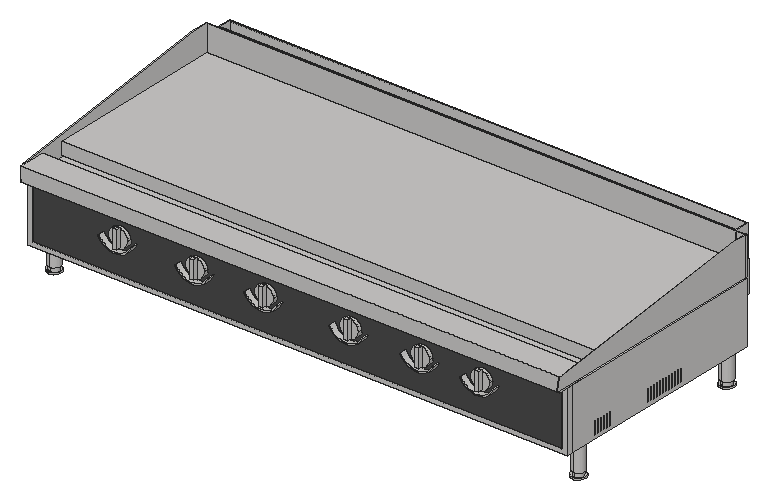
Revit family "QF_Vollrath_972GGM", category Specialty Equipment, Revit 2016
Family settings
  Part Type = Normal
  Round Connector Dimension = Use Diameter
  OmniClass Number = 23.40.40.14.17.31
  OmniClass Title = Small Specialized Cooking Equipment
  Work Plane-Based = No
  Always vertical = Yes
  Cut with Voids When Loaded = No
  Shared = No
  Room Calculation Point = No
Parameters (values of type "972GGM")
  Width = 72.00"
  Weight in Pounds = 806
  Watermarked By = "http://revitwatermark.com"
  URL Cutsheet = ""
  URL = ""
  Status [instance] = ""
  Specification by User [instance] = ""
  Specification by Manufacturer [instance] = ""
  Serial Number [instance] = ""
  Seismic Rating [instance] = ""
  Revision Code [instance] = ""
  NAFEM Spec ID Number [instance] = ""
  Model = "972GGM"
  Mechanical Remarks [instance] = ""
  Mechanical Connection Type [instance] = ""
  Masterspec [instance] = ""
  Manufacturer = "Vollrath"
  Length = 31.00"
  Item Number [instance] = "-"
  Installed By [instance] = ""
  Height AFF [instance] = 26.00"
  Gas Size = 3/4"
  Gas RI Height [instance] = 0.00"
  Gas Input = 180000.0 Btu/h
  Gas Connection Height [instance] = Height AFF + 5.375"  # 31.375"
  Furnished By [instance] = ""
  Foodservice Equipment Identifier [instance] = yes
  Description = "Heavy-Duty Flat Top Gas Griddle"
  CSI MasterFormat = "11 44 00"
  Assembly Code = "E1090320"
Reference planes (in)
  plane 1: z = 0
  plane 2 "BOTTOM": z = 26
  plane 3 "LEFT CLEARANCE": x = -30.72076
  plane 4 "RIGHT CLEARANCE": x = 53.27924
  plane 5 "BACK CLEARANCE": y = 6
  plane 6 "Top of Legs": z = 30
  plane 7 "LEFT": x = -24.72076
  plane 8 "RIGHT": x = 47.27924
  plane 9 "BACK": y = 0
  plane 10: z = 29.75
  plane 11: z = 29.5
  plane 12: z = 31.5
  plane 13: y = -0.125
  plane 14: x = -24.59576
  plane 15 "Grease Trap": z = 38.38259
  plane 16 "TOP": z = 43.38259
  plane 17: y = -54.1
  plane 18: z = 37.04079
  plane 19: y = 1.5
  plane 20: z = 34.93
  plane 21: z = 35.1029
  plane 22: z = 40.00759
  plane 23 "FRONT": y = -33
  plane 24: y = -29.62
  plane 25: y = -26.37
  plane 26: x = 47.15424
  plane 27: x = 46.53171
  plane 28: x = -2.0635
  plane 29: x = 45.9365
  plane 30: x = 11.27924
  plane 31: x = -12.72076
  plane 32: x = -6.22076
  plane 33: z = 37.5
  plane 34: z = 30.60935
Forms (in)
  Extrusion 1, solid, material "QF_Finishes_Stainless Steel"
    sketch origin (0, -2, 26) x (0, 1, 0) y (-1, 0, 0)
      loop
        circle (-2, 23.59576) r 0.9375
    from 0 to 0.125
  Extrusion 2, solid, material "QF_Finishes_Stainless Steel"
    sketch origin (0, -2, 26) x (0, 1, 0) y (-1, 0, 0)
      loop
        circle (-2, 23.59576) r 0.625
    from 0.125 to 0.75
  Extrusion 3, solid, material "QF_Finishes_Stainless Steel"
    sketch origin (0, -2, 26) x (0, 1, 0) y (-1, 0, 0)
      loop
        circle (-2, 23.59576) r 0.8125
    from 0.75 to 4
  Extrusion 4, solid, material "QF_Finishes_Stainless Steel"
    sketch origin (33.375, -2, 26) x (0, 1, 0) y (-1, 0, 0)
      loop
        circle (-2, -12.90424) r 0.9375
    from 0 to 0.125
  Extrusion 5, solid, material "QF_Finishes_Stainless Steel"
    sketch origin (33.375, -2, 26) x (0, 1, 0) y (-1, 0, 0)
      loop
        circle (-2, -12.90424) r 0.625
    from 0.125 to 0.75
  Extrusion 6, solid, material "QF_Finishes_Stainless Steel"
    sketch origin (33.375, -2, 26) x (0, 1, 0) y (-1, 0, 0)
      loop
        circle (-2, -12.90424) r 0.8125
    from 0.75 to 4
  Extrusion 7, solid, material "QF_Finishes_Stainless Steel"
    sketch origin (33.375, -27.75, 26) x (0, 1, 0) y (-1, 0, 0)
      loop
        circle (-1, -12.90424) r 0.9375
    from 0 to 0.125
  Extrusion 8, solid, material "QF_Finishes_Stainless Steel"
    sketch origin (33.375, -27.75, 26) x (0, 1, 0) y (-1, 0, 0)
      loop
        circle (-1, -12.90424) r 0.625
    from 0.125 to 0.75
  Extrusion 9, solid, material "QF_Finishes_Stainless Steel"
    sketch origin (33.375, -27.75, 26) x (0, 1, 0) y (-1, 0, 0)
      loop
        circle (-1, -12.90424) r 0.8125
    from 0.75 to 4
  Extrusion 10, solid, material "QF_Finishes_Stainless Steel"
    sketch origin (0, -27.75, 26) x (0, 1, 0) y (-1, 0, 0)
      loop
        circle (-1, 23.59576) r 0.9375
    from 0 to 0.125
  Extrusion 11, solid, material "QF_Finishes_Stainless Steel"
    sketch origin (0, -27.75, 26) x (0, 1, 0) y (-1, 0, 0)
      loop
        circle (-1, 23.59576) r 0.625
    from 0.125 to 0.75
  Extrusion 12, solid, material "QF_Finishes_Stainless Steel"
    sketch origin (0, -27.75, 26) x (0, 1, 0) y (-1, 0, 0)
      loop
        circle (-1, 23.59576) r 0.8125
    from 0.75 to 4
  Extrusion 13, solid, material "QF_Finishes_Stainless Steel"
    sketch origin (0, -2, 26) x (0, 1, 0) y (-1, 0, 0)
      loop
        line (0, 24.72076) -> (-29.04599, 24.72076) -> (-29.04599, -47.27924) -> (0, -47.27924) -> (0, 24.72076)
    from 4 to 12.06
  Extrusion 14, solid, material "QF_Finishes_Black"
    sketch origin (0, -2, 0) x (1, 0, 0) y (0, 0, 1)
      loop
        line (-21.72076, 30) -> (-21.72076, 29.75) -> (-13.63034, 29.75) -> (-13.63034, 30) -> (-21.72076, 30)
    from 20.18353 to 29.04599
  Extrusion 15, solid, material "QF_Finishes_Clearances", detail levels coarse
    sketch origin (0, 0, 26) x (0, 1, 0) y (-1, 0, 0)
      loop
        line (6, 30.72076) -> (-33, 30.72076) -> (-33, 24.72076) -> (6, 24.72076) -> (6, 30.72076)
    from 0 to 17.38259
  Extrusion 16, solid, material "QF_Finishes_Clearances", detail levels coarse
    sketch origin (0, 0, 26) x (0, 1, 0) y (-1, 0, 0)
      loop
        line (6, -47.27924) -> (-33, -47.27924) -> (-33, -53.27924) -> (6, -53.27924) -> (6, -47.27924)
    from 0 to 17.38259
  Extrusion 17, solid, material "QF_Finishes_Clearances", detail levels coarse
    sketch origin (0, 0, 26) x (0, 1, 0) y (-1, 0, 0)
      loop
        line (6, 24.72076) -> (0, 24.72076) -> (0, -47.27924) -> (6, -47.27924) -> (6, 24.72076)
    from 0 to 17.38259
  Extrusion 18, solid, material "QF_Finishes_Stainless Steel"
    sketch origin (-8.68897, -2, 0) x (1, 0, 0) y (0, 0, 1)
      loop
        circle (26.46821, 31.5) r 0.375
    from -1.5 to 0
  Extrusion 19, solid, material "QF_Finishes_Stainless Steel"
    sketch origin (-36.59576, -2, 0) x (0, 1, 0) y (0, 0, 1)
      loop
        line (-30.61071, 39.92661) -> (-31.00644, 38.06) -> (0, 38.06) -> (0, 43.38259) -> (-2.02013, 43.38259) -> (-30.61071, 39.92661)
    from 11.875 to 12
  Extrusion 20, solid, material "QF_Finishes_Stainless Steel"
    sketch origin (-24.72076, -2, 0) x (0, 1, 0) y (0, 0, 1)
      loop
        line (-27.62, 38.06) -> (-27.62, 40.00759) -> (-31, 40.00759) -> (-31, 38.06) -> (-27.62, 38.06)
    from 0.125 to 71.875
  Extrusion 21, solid, material "QF_Finishes_Stainless Steel"
    sketch origin (12, -2, 0) x (1, 0, 0) y (0, 0, 1)
      loop
        line (-36.72076, 38.06) -> (-36.72076, 30) -> (35.27924, 30) -> (35.27924, 38.06) -> (-36.72076, 38.06)
      loop
        line (-36.02741, 37.5) -> (-36.02741, 30.59949) -> (34.53171, 30.59949) -> (34.53171, 37.5) -> (-36.02741, 37.5)
    from 29.04599 to 29.79599
  Extrusion 22, solid, material "QF_Finishes_Stainless Steel"
    sketch origin (-12.72076, -2, 0) x (0, 1, 0) y (0, 0, 1)
      loop
        line (-31.04007, 39.85126) -> (-31.41648, 38.38259) -> (0, 38.38259) -> (0, 43.38259) -> (-1.85356, 43.38259) -> (-31.04007, 39.85126)
    from 59.875 to 60
  Extrusion 23, solid, material "QF_Finishes_Stainless Steel"
    sketch origin (-24.72076, -2, 0) x (0, 1, 0) y (0, 0, 1)
      loop
        line (-0.125, 43.38259) -> (-0.125, 38.38259) -> (0, 38.38259) -> (0, 43.38259) -> (-0.125, 43.38259)
    from 0 to 72
  Extrusion 24, solid, material "QF_Finishes_Black"
    sketch origin (12, -2, -10) x (1, 0, 0) y (0, 0, 1)
      loop
        line (-36.02741, 47.5) -> (-36.02741, 40.59949) -> (34.53171, 40.59949) -> (34.53171, 47.5) -> (-36.02741, 47.5)
      loop
        circle (-4.79502, 45.36228) r 1.25
      loop
        circle (23.95498, 45.36228) r 1.25
      loop
        circle (15.96164, 45.36228) r 1.25
      loop
        circle (-14.04502, 45.36228) r 1.25
      loop
        circle (6.46164, 45.36228) r 1.25
      loop
        circle (-24.29502, 45.36228) r 1.25
    from 29.04599 to 29.79599
  Extrusion 25, void
    sketch origin (-24.72076, -2, 0) x (0, 1, 0) y (0, 0, 1)
      loop
        line (-25.39258, 32.24738) -> (-25.39258, 30.49738) -> (-25.14258, 30.49738) -> (-25.14258, 32.24738) -> (-25.39258, 32.24738)
      loop
        line (-24.89258, 32.24738) -> (-24.89258, 30.49738) -> (-24.64258, 30.49738) -> (-24.64258, 32.24738) -> (-24.89258, 32.24738)
      loop
        line (-24.39258, 32.24738) -> (-24.39258, 30.49738) -> (-24.14258, 30.49738) -> (-24.14258, 32.24738) -> (-24.39258, 32.24738)
      loop
        line (-23.89258, 32.24738) -> (-23.89258, 30.49738) -> (-23.64258, 30.49738) -> (-23.64258, 32.24738) -> (-23.89258, 32.24738)
      loop
        line (-23.39258, 32.24738) -> (-23.39258, 30.49738) -> (-23.14258, 30.49738) -> (-23.14258, 32.24738) -> (-23.39258, 32.24738)
      loop
        line (-22.89258, 32.24738) -> (-22.89258, 30.49738) -> (-22.64258, 30.49738) -> (-22.64258, 32.24738) -> (-22.89258, 32.24738)
      loop
        line (-22.43353, 32.24738) -> (-22.43353, 30.49738) -> (-22.18353, 30.49738) -> (-22.18353, 32.24738) -> (-22.43353, 32.24738)
      loop
        line (-21.93353, 32.24738) -> (-21.93353, 30.49738) -> (-21.68353, 30.49738) -> (-21.68353, 32.24738) -> (-21.93353, 32.24738)
      loop
        line (-21.43353, 32.24738) -> (-21.43353, 30.49738) -> (-21.18353, 30.49738) -> (-21.18353, 32.24738) -> (-21.43353, 32.24738)
      loop
        line (-20.93353, 32.24738) -> (-20.93353, 30.49738) -> (-20.68353, 30.49738) -> (-20.68353, 32.24738) -> (-20.93353, 32.24738)
      loop
        line (-20.43353, 32.24738) -> (-20.43353, 30.49738) -> (-20.18353, 30.49738) -> (-20.18353, 32.24738) -> (-20.43353, 32.24738)
      loop
        line (-19.93353, 32.24738) -> (-19.93353, 30.49738) -> (-19.68353, 30.49738) -> (-19.68353, 32.24738) -> (-19.93353, 32.24738)
      loop
        line (-19.47447, 32.24738) -> (-19.47447, 30.49738) -> (-19.22447, 30.49738) -> (-19.22447, 32.24738) -> (-19.47447, 32.24738)
      loop
        line (-18.97447, 32.24738) -> (-18.97447, 30.49738) -> (-18.72447, 30.49738) -> (-18.72447, 32.24738) -> (-18.97447, 32.24738)
      loop
        line (-18.47447, 32.24738) -> (-18.47447, 30.49738) -> (-18.22447, 30.49738) -> (-18.22447, 32.24738) -> (-18.47447, 32.24738)
      loop
        line (-17.97447, 32.24738) -> (-17.97447, 30.49738) -> (-17.72447, 30.49738) -> (-17.72447, 32.24738) -> (-17.97447, 32.24738)
      loop
        line (-17.47447, 32.24738) -> (-17.47447, 30.49738) -> (-17.22447, 30.49738) -> (-17.22447, 32.24738) -> (-17.47447, 32.24738)
      loop
        line (-16.97447, 32.24738) -> (-16.97447, 30.49738) -> (-16.72447, 30.49738) -> (-16.72447, 32.24738) -> (-16.97447, 32.24738)
      loop
        line (-16.51542, 32.24738) -> (-16.51542, 30.49738) -> (-16.26542, 30.49738) -> (-16.26542, 32.24738) -> (-16.51542, 32.24738)
      loop
        line (-16.01542, 32.24738) -> (-16.01542, 30.49738) -> (-15.76542, 30.49738) -> (-15.76542, 32.24738) -> (-16.01542, 32.24738)
      loop
        line (-15.51542, 32.24738) -> (-15.51542, 30.49738) -> (-15.26542, 30.49738) -> (-15.26542, 32.24738) -> (-15.51542, 32.24738)
      loop
        line (-15.01542, 32.24738) -> (-15.01542, 30.49738) -> (-14.76542, 30.49738) -> (-14.76542, 32.24738) -> (-15.01542, 32.24738)
      loop
        line (-14.51542, 32.24738) -> (-14.51542, 30.49738) -> (-14.26542, 30.49738) -> (-14.26542, 32.24738) -> (-14.51542, 32.24738)
      loop
        line (-14.01542, 32.24738) -> (-14.01542, 30.49738) -> (-13.76542, 30.49738) -> (-13.76542, 32.24738) -> (-14.01542, 32.24738)
      loop
        line (-13.55636, 32.24738) -> (-13.55636, 30.49738) -> (-13.30636, 30.49738) -> (-13.30636, 32.24738) -> (-13.55636, 32.24738)
      loop
        line (-13.05636, 32.24738) -> (-13.05636, 30.49738) -> (-12.80636, 30.49738) -> (-12.80636, 32.24738) -> (-13.05636, 32.24738)
      loop
        line (-12.55636, 32.24738) -> (-12.55636, 30.49738) -> (-12.30636, 30.49738) -> (-12.30636, 32.24738) -> (-12.55636, 32.24738)
      loop
        line (-12.05636, 32.24738) -> (-12.05636, 30.49738) -> (-11.80636, 30.49738) -> (-11.80636, 32.24738) -> (-12.05636, 32.24738)
      loop
        line (-11.55636, 32.24738) -> (-11.55636, 30.49738) -> (-11.30636, 30.49738) -> (-11.30636, 32.24738) -> (-11.55636, 32.24738)
      loop
        line (-11.05636, 32.24738) -> (-11.05636, 30.49738) -> (-10.80636, 30.49738) -> (-10.80636, 32.24738) -> (-11.05636, 32.24738)
      loop
        line (-10.59731, 32.24738) -> (-10.59731, 30.49738) -> (-10.34731, 30.49738) -> (-10.34731, 32.24738) -> (-10.59731, 32.24738)
      loop
        line (-10.09731, 32.24738) -> (-10.09731, 30.49738) -> (-9.84731, 30.49738) -> (-9.84731, 32.24738) -> (-10.09731, 32.24738)
      loop
        line (-9.59731, 32.24738) -> (-9.59731, 30.49738) -> (-9.34731, 30.49738) -> (-9.34731, 32.24738) -> (-9.59731, 32.24738)
      loop
        line (-9.09731, 32.24738) -> (-9.09731, 30.49738) -> (-8.84731, 30.49738) -> (-8.84731, 32.24738) -> (-9.09731, 32.24738)
      loop
        line (-8.63825, 32.24738) -> (-8.63825, 30.49738) -> (-8.38825, 30.49738) -> (-8.38825, 32.24738) -> (-8.63825, 32.24738)
      loop
        line (-8.13825, 32.24738) -> (-8.13825, 30.49738) -> (-7.88825, 30.49738) -> (-7.88825, 32.24738) -> (-8.13825, 32.24738)
      loop
        line (-7.63825, 32.24738) -> (-7.63825, 30.49738) -> (-7.38825, 30.49738) -> (-7.38825, 32.24738) -> (-7.63825, 32.24738)
      loop
        line (-7.13825, 32.24738) -> (-7.13825, 30.49738) -> (-6.88825, 30.49738) -> (-6.88825, 32.24738) -> (-7.13825, 32.24738)
      loop
        line (-6.63825, 32.24738) -> (-6.63825, 30.49738) -> (-6.38825, 30.49738) -> (-6.38825, 32.24738) -> (-6.63825, 32.24738)
      loop
        line (-6.13825, 32.24738) -> (-6.13825, 30.49738) -> (-5.88825, 30.49738) -> (-5.88825, 32.24738) -> (-6.13825, 32.24738)
      loop
        line (-5.63825, 32.24738) -> (-5.63825, 30.49738) -> (-5.38825, 30.49738) -> (-5.38825, 32.24738) -> (-5.63825, 32.24738)
      loop
        line (-5.13825, 32.24738) -> (-5.13825, 30.49738) -> (-4.88825, 30.49738) -> (-4.88825, 32.24738) -> (-5.13825, 32.24738)
      loop
        line (-4.63825, 32.24738) -> (-4.63825, 30.49738) -> (-4.38825, 30.49738) -> (-4.38825, 32.24738) -> (-4.63825, 32.24738)
    from 71.875 to 72
  Extrusion 26, void
    sketch origin (-48.47076, -2, 0) x (0, 1, 0) y (0, 0, 1)
      loop
        line (-25.39258, 32.24738) -> (-25.39258, 30.49738) -> (-25.14258, 30.49738) -> (-25.14258, 32.24738) -> (-25.39258, 32.24738)
      loop
        line (-24.89258, 32.24738) -> (-24.89258, 30.49738) -> (-24.64258, 30.49738) -> (-24.64258, 32.24738) -> (-24.89258, 32.24738)
      loop
        line (-24.39258, 32.24738) -> (-24.39258, 30.49738) -> (-24.14258, 30.49738) -> (-24.14258, 32.24738) -> (-24.39258, 32.24738)
      loop
        line (-23.89258, 32.24738) -> (-23.89258, 30.49738) -> (-23.64258, 30.49738) -> (-23.64258, 32.24738) -> (-23.89258, 32.24738)
      loop
        line (-23.39258, 32.24738) -> (-23.39258, 30.49738) -> (-23.14258, 30.49738) -> (-23.14258, 32.24738) -> (-23.39258, 32.24738)
      loop
        line (-22.89258, 32.24738) -> (-22.89258, 30.49738) -> (-22.64258, 30.49738) -> (-22.64258, 32.24738) -> (-22.89258, 32.24738)
      loop
        line (-22.43353, 32.24738) -> (-22.43353, 30.49738) -> (-22.18353, 30.49738) -> (-22.18353, 32.24738) -> (-22.43353, 32.24738)
      loop
        line (-21.93353, 32.24738) -> (-21.93353, 30.49738) -> (-21.68353, 30.49738) -> (-21.68353, 32.24738) -> (-21.93353, 32.24738)
      loop
        line (-21.43353, 32.24738) -> (-21.43353, 30.49738) -> (-21.18353, 30.49738) -> (-21.18353, 32.24738) -> (-21.43353, 32.24738)
      loop
        line (-20.93353, 32.24738) -> (-20.93353, 30.49738) -> (-20.68353, 30.49738) -> (-20.68353, 32.24738) -> (-20.93353, 32.24738)
      loop
        line (-20.43353, 32.24738) -> (-20.43353, 30.49738) -> (-20.18353, 30.49738) -> (-20.18353, 32.24738) -> (-20.43353, 32.24738)
      loop
        line (-19.93353, 32.24738) -> (-19.93353, 30.49738) -> (-19.68353, 30.49738) -> (-19.68353, 32.24738) -> (-19.93353, 32.24738)
      loop
        line (-19.47447, 32.24738) -> (-19.47447, 30.49738) -> (-19.22447, 30.49738) -> (-19.22447, 32.24738) -> (-19.47447, 32.24738)
      loop
        line (-18.97447, 32.24738) -> (-18.97447, 30.49738) -> (-18.72447, 30.49738) -> (-18.72447, 32.24738) -> (-18.97447, 32.24738)
      loop
        line (-18.47447, 32.24738) -> (-18.47447, 30.49738) -> (-18.22447, 30.49738) -> (-18.22447, 32.24738) -> (-18.47447, 32.24738)
      loop
        line (-17.97447, 32.24738) -> (-17.97447, 30.49738) -> (-17.72447, 30.49738) -> (-17.72447, 32.24738) -> (-17.97447, 32.24738)
      loop
        line (-17.47447, 32.24738) -> (-17.47447, 30.49738) -> (-17.22447, 30.49738) -> (-17.22447, 32.24738) -> (-17.47447, 32.24738)
      loop
        line (-16.97447, 32.24738) -> (-16.97447, 30.49738) -> (-16.72447, 30.49738) -> (-16.72447, 32.24738) -> (-16.97447, 32.24738)
      loop
        line (-16.51542, 32.24738) -> (-16.51542, 30.49738) -> (-16.26542, 30.49738) -> (-16.26542, 32.24738) -> (-16.51542, 32.24738)
      loop
        line (-16.01542, 32.24738) -> (-16.01542, 30.49738) -> (-15.76542, 30.49738) -> (-15.76542, 32.24738) -> (-16.01542, 32.24738)
      loop
        line (-15.51542, 32.24738) -> (-15.51542, 30.49738) -> (-15.26542, 30.49738) -> (-15.26542, 32.24738) -> (-15.51542, 32.24738)
      loop
        line (-15.01542, 32.24738) -> (-15.01542, 30.49738) -> (-14.76542, 30.49738) -> (-14.76542, 32.24738) -> (-15.01542, 32.24738)
      loop
        line (-14.51542, 32.24738) -> (-14.51542, 30.49738) -> (-14.26542, 30.49738) -> (-14.26542, 32.24738) -> (-14.51542, 32.24738)
      loop
        line (-14.01542, 32.24738) -> (-14.01542, 30.49738) -> (-13.76542, 30.49738) -> (-13.76542, 32.24738) -> (-14.01542, 32.24738)
      loop
        line (-13.55636, 32.24738) -> (-13.55636, 30.49738) -> (-13.30636, 30.49738) -> (-13.30636, 32.24738) -> (-13.55636, 32.24738)
      loop
        line (-13.05636, 32.24738) -> (-13.05636, 30.49738) -> (-12.80636, 30.49738) -> (-12.80636, 32.24738) -> (-13.05636, 32.24738)
      loop
        line (-12.55636, 32.24738) -> (-12.55636, 30.49738) -> (-12.30636, 30.49738) -> (-12.30636, 32.24738) -> (-12.55636, 32.24738)
      loop
        line (-12.05636, 32.24738) -> (-12.05636, 30.49738) -> (-11.80636, 30.49738) -> (-11.80636, 32.24738) -> (-12.05636, 32.24738)
      loop
        line (-11.55636, 32.24738) -> (-11.55636, 30.49738) -> (-11.30636, 30.49738) -> (-11.30636, 32.24738) -> (-11.55636, 32.24738)
      loop
        line (-11.05636, 32.24738) -> (-11.05636, 30.49738) -> (-10.80636, 30.49738) -> (-10.80636, 32.24738) -> (-11.05636, 32.24738)
      loop
        line (-10.59731, 32.24738) -> (-10.59731, 30.49738) -> (-10.34731, 30.49738) -> (-10.34731, 32.24738) -> (-10.59731, 32.24738)
      loop
        line (-10.13825, 32.24738) -> (-10.13825, 30.49738) -> (-9.88825, 30.49738) -> (-9.88825, 32.24738) -> (-10.13825, 32.24738)
      loop
        line (-9.63825, 32.24738) -> (-9.63825, 30.49738) -> (-9.38825, 30.49738) -> (-9.38825, 32.24738) -> (-9.63825, 32.24738)
      loop
        line (-9.13825, 32.24738) -> (-9.13825, 30.49738) -> (-8.88825, 30.49738) -> (-8.88825, 32.24738) -> (-9.13825, 32.24738)
      loop
        line (-8.63825, 32.24738) -> (-8.63825, 30.49738) -> (-8.38825, 30.49738) -> (-8.38825, 32.24738) -> (-8.63825, 32.24738)
      loop
        line (-8.13825, 32.24738) -> (-8.13825, 30.49738) -> (-7.88825, 30.49738) -> (-7.88825, 32.24738) -> (-8.13825, 32.24738)
      loop
        line (-7.63825, 32.24738) -> (-7.63825, 30.49738) -> (-7.38825, 30.49738) -> (-7.38825, 32.24738) -> (-7.63825, 32.24738)
      loop
        line (-7.1792, 32.24738) -> (-7.1792, 30.49738) -> (-6.9292, 30.49738) -> (-6.9292, 32.24738) -> (-7.1792, 32.24738)
      loop
        line (-6.6792, 32.24738) -> (-6.6792, 30.49738) -> (-6.4292, 30.49738) -> (-6.4292, 32.24738) -> (-6.6792, 32.24738)
      loop
        line (-6.1792, 32.24738) -> (-6.1792, 30.49738) -> (-5.9292, 30.49738) -> (-5.9292, 32.24738) -> (-6.1792, 32.24738)
      loop
        line (-5.6792, 32.24738) -> (-5.6792, 30.49738) -> (-5.4292, 30.49738) -> (-5.4292, 32.24738) -> (-5.6792, 32.24738)
      loop
        line (-5.1792, 32.24738) -> (-5.1792, 30.49738) -> (-4.9292, 30.49738) -> (-4.9292, 32.24738) -> (-5.1792, 32.24738)
      loop
        line (-4.6792, 32.24738) -> (-4.6792, 30.49738) -> (-4.4292, 30.49738) -> (-4.4292, 32.24738) -> (-4.6792, 32.24738)
    from 23.67052 to 24
  Extrusion 27, solid, material "QF_Finishes_Stainless Steel"
    sketch origin (29, -6, -10) x (1, 0, 0) y (0, 0, 1)
      loop
        circle (-21.79502, 45.36228) r 1.25
    from 25.04599 to 26.25
  Extrusion 28, solid, material "QF_Finishes_Stainless Steel"
    sketch origin (29, -6, -9.96039) x (1, 0, 0) y (0, 0, 1)
      loop
        line (-22.10719, 46.57267) -> (-22.10719, 44.14715) -> (-21.55452, 44.14715) -> (-21.55452, 46.57267) -> (-22.10719, 46.57267)
    from 26.25 to 26.75
  Extrusion 29, solid, material "QF_Finishes_Stainless Steel"
    sketch origin (40.29249, -6, -10) x (1, 0, 0) y (0, 0, 1)
      loop
        circle (-21.79502, 45.36228) r 1.25
    from 25.04599 to 26.25
  Extrusion 30, solid, material "QF_Finishes_Stainless Steel"
    sketch origin (40.29249, -6, -9.96039) x (1, 0, 0) y (0, 0, 1)
      loop
        line (-22.10719, 46.57267) -> (-22.10719, 44.14715) -> (-21.55452, 44.14715) -> (-21.55452, 46.57267) -> (-22.10719, 46.57267)
    from 26.25 to 26.75
  Extrusion 31, solid, material "QF_Finishes_Stainless Steel", not visible
    sketch origin (0, 0, 0.25) x (1, 0, 0) y (0, 0, 1)
      loop
        circle (-24.02485, 46.05421) r 0.25
    from 0.125 to 25.04599
  Extrusion 32, solid, material "QF_Finishes_Stainless Steel", not visible
    sketch origin (0.8089, 0, 0.25) x (1, 0, 0) y (0, 0, 1)
      loop
        circle (-24.02485, 46.05421) r 0.25
    from 0.125 to 25.04599
  Extrusion 33, solid, material "QF_Finishes_Stainless Steel", not visible
    sketch origin (1.62977, 0, 0.25) x (1, 0, 0) y (0, 0, 1)
      loop
        circle (-24.02485, 46.05421) r 0.25
    from 0.24473 to 25.25
  Extrusion 34, solid, material "QF_Finishes_Stainless Steel", not visible
    sketch origin (2.43868, 0, 0.25) x (1, 0, 0) y (0, 0, 1)
      loop
        circle (-24.02485, 46.05421) r 0.25
    from 0.24473 to 25.04599
  Extrusion 35, solid, material "QF_Finishes_Stainless Steel", not visible
    sketch origin (3.25954, 0, 0.25) x (1, 0, 0) y (0, 0, 1)
      loop
        circle (-24.02485, 46.05421) r 0.25
    from 0.24473 to 25.04599
  Extrusion 36, solid, material "QF_Finishes_Stainless Steel", not visible
    sketch origin (4.06845, 0, 0.25) x (1, 0, 0) y (0, 0, 1)
      loop
        circle (-24.02485, 46.05421) r 0.25
    from 0.125 to 25.75
  Extrusion 37, solid, material "QF_Finishes_Stainless Steel", not visible
    sketch origin (4.88932, 0, 0.25) x (1, 0, 0) y (0, 0, 1)
      loop
        circle (-24.02485, 46.05421) r 0.25
    from 0.125 to 25.04599
  Extrusion 38, solid, material "QF_Finishes_Stainless Steel", not visible
    sketch origin (5.69822, 0, 0.25) x (1, 0, 0) y (0, 0, 1)
      loop
        circle (-24.02485, 46.05421) r 0.25
    from 0.125 to 25.75
  Extrusion 39, solid, material "QF_Finishes_Stainless Steel", not visible
    sketch origin (6.51909, 0, 0.25) x (1, 0, 0) y (0, 0, 1)
      loop
        circle (-24.02485, 46.05421) r 0.25
    from 0.125 to 25.04599
  Extrusion 40, solid, material "QF_Finishes_Stainless Steel", not visible
    sketch origin (7.32799, 0, 0.25) x (1, 0, 0) y (0, 0, 1)
      loop
        circle (-24.02485, 46.05421) r 0.25
    from 0 to 25.04599
  Extrusion 41, solid, material "QF_Finishes_Stainless Steel", not visible
    sketch origin (8.14886, 0, 0.25) x (1, 0, 0) y (0, 0, 1)
      loop
        circle (-24.02485, 46.05421) r 0.25
    from 0 to 25.04599
  Extrusion 42, solid, material "QF_Finishes_Stainless Steel", not visible
    sketch origin (8.95777, 0, 0.25) x (1, 0, 0) y (0, 0, 1)
      loop
        circle (-24.02485, 46.05421) r 0.25
    from 0 to 25.04599
  Extrusion 43, solid, material "QF_Finishes_Stainless Steel", not visible
    sketch origin (9.76477, 0, 0.25) x (1, 0, 0) y (0, 0, 1)
      loop
        circle (-24.02485, 46.05421) r 0.25
    from 0 to 25.04599
  Extrusion 44, solid, material "QF_Finishes_Stainless Steel", not visible
    sketch origin (10.57367, 0, 0.25) x (1, 0, 0) y (0, 0, 1)
      loop
        circle (-24.02485, 46.05421) r 0.25
    from 0 to 25.04599
  Extrusion 45, solid, material "QF_Finishes_Stainless Steel", not visible
    sketch origin (11.39454, 0, 0.25) x (1, 0, 0) y (0, 0, 1)
      loop
        circle (-24.02485, 46.05421) r 0.25
    from 0 to 25.04599
  Extrusion 46, solid, material "QF_Finishes_Stainless Steel", not visible
    sketch origin (12.26638, 0, 0.25) x (1, 0, 0) y (0, 0, 1)
      loop
        circle (-24.02485, 46.05421) r 0.25
    from 0 to 25.04599
  Extrusion 47, solid, material "QF_Finishes_Stainless Steel", not visible
    sketch origin (13.08724, 0, 0.25) x (1, 0, 0) y (0, 0, 1)
      loop
        circle (-24.02485, 46.05421) r 0.25
    from 0 to 25.04599
  Extrusion 48, solid, material "QF_Finishes_Stainless Steel", not visible
    sketch origin (13.89615, 0, 0.25) x (1, 0, 0) y (0, 0, 1)
      loop
        circle (-24.02485, 46.05421) r 0.25
    from 0 to 25.04599
  Extrusion 49, solid, material "QF_Finishes_Stainless Steel", not visible
    sketch origin (15.40006, 0, 0.25) x (1, 0, 0) y (0, 0, 1)
      loop
        circle (-30.52485, 46.05421) r 0.25
    from 0 to 25.04599
  Extrusion 50, solid, material "QF_Finishes_Stainless Steel", not visible
    sketch origin (16.22092, 0, 0.25) x (1, 0, 0) y (0, 0, 1)
      loop
        circle (-30.52485, 46.05421) r 0.25
    from 0 to 25.25
  Extrusion 51, solid, material "QF_Finishes_Stainless Steel", not visible
    sketch origin (17.09276, 0, 0.25) x (1, 0, 0) y (0, 0, 1)
      loop
        circle (-30.52485, 46.05421) r 0.25
    from 0 to 25.04599
  Extrusion 52, solid, material "QF_Finishes_Stainless Steel", not visible
    sketch origin (17.91363, 0, 0.25) x (1, 0, 0) y (0, 0, 1)
      loop
        circle (-30.52485, 46.05421) r 0.25
    from 0 to 25.04599
  Extrusion 53, solid, material "QF_Finishes_Stainless Steel", not visible
    sketch origin (18.72253, 0, 0.25) x (1, 0, 0) y (0, 0, 1)
      loop
        circle (-30.52485, 46.05421) r 0.25
    from 0 to 25.04599
  Extrusion 54, solid, material "QF_Finishes_Stainless Steel", not visible
    sketch origin (19.5434, 0, 0.25) x (1, 0, 0) y (0, 0, 1)
      loop
        circle (-30.52485, 46.05421) r 0.25
    from 0 to 25.04599
  Extrusion 55, solid, material "QF_Finishes_Stainless Steel", not visible
    sketch origin (20.3523, 0, 0.25) x (1, 0, 0) y (0, 0, 1)
      loop
        circle (-30.52485, 46.05421) r 0.25
    from 0 to 25.04599
  Extrusion 56, solid, material "QF_Finishes_Stainless Steel", not visible
    sketch origin (21.17317, 0, 0.25) x (1, 0, 0) y (0, 0, 1)
      loop
        circle (-30.52485, 46.05421) r 0.25
    from 0 to 25.04599
  Extrusion 57, solid, material "QF_Finishes_Stainless Steel", not visible
    sketch origin (21.98208, 0, 0.25) x (1, 0, 0) y (0, 0, 1)
      loop
        circle (-30.52485, 46.05421) r 0.25
    from 0 to 25.04599
  Extrusion 58, solid, material "QF_Finishes_Stainless Steel", not visible
    sketch origin (22.80294, 0, 0.25) x (1, 0, 0) y (0, 0, 1)
      loop
        circle (-30.52485, 46.05421) r 0.25
    from 0 to 25.25
  Extrusion 59, solid, material "QF_Finishes_Stainless Steel", not visible
    sketch origin (23.61185, 0, 0.25) x (1, 0, 0) y (0, 0, 1)
      loop
        circle (-30.52485, 46.05421) r 0.25
    from 0 to 25.04599
  Extrusion 60, solid, material "QF_Finishes_Stainless Steel", not visible
    sketch origin (24.43272, 0, 0.25) x (1, 0, 0) y (0, 0, 1)
      loop
        circle (-30.52485, 46.05421) r 0.25
    from 0 to 25.04599
  Extrusion 61, solid, material "QF_Finishes_Stainless Steel", not visible
    sketch origin (25.24162, 0, 0.25) x (1, 0, 0) y (0, 0, 1)
      loop
        circle (-30.52485, 46.05421) r 0.25
    from 0 to 25.75
  Extrusion 62, solid, material "QF_Finishes_Stainless Steel", not visible
    sketch origin (26.06249, 0, 0.25) x (1, 0, 0) y (0, 0, 1)
      loop
        circle (-30.52485, 46.05421) r 0.25
    from 0 to 25.04599
  Extrusion 63, solid, material "QF_Finishes_Stainless Steel", not visible
    sketch origin (32.58158, 0, 0.25) x (1, 0, 0) y (0, 0, 1)
      loop
        circle (-36.02485, 46.05421) r 0.25
    from 0 to 25.04599
  Extrusion 64, solid, material "QF_Finishes_Stainless Steel", not visible
    sketch origin (33.40244, 0, 0.25) x (1, 0, 0) y (0, 0, 1)
      loop
        circle (-36.02485, 46.05421) r 0.25
    from 0 to 25.04599
  Extrusion 65, solid, material "QF_Finishes_Stainless Steel", not visible
    sketch origin (34.21135, 0, 0.25) x (1, 0, 0) y (0, 0, 1)
      loop
        circle (-36.02485, 46.05421) r 0.25
    from 0 to 25.75
  Sweep 66, solid, material "QF_Finishes_Stainless Steel"
    path origin (27.25, -32.63083, -10) x (1, 0, 0) y (0, 0, 1)
      loop
        arc (-22.40972, 45.02818) -> (-20.15972, 43.59334) -> (-17.90972, 45.02818) r 2.48155
    profile origin (7.09028, -32.63083, 33.59334) x (0, 0, 1) y (0, -1, 0)
      loop
        line (0, 0) -> (0, -0.83484) -> (0.14592, -0.83484) -> (0.14592, 0) -> (0, 0)
  Sweep 67, solid, material "QF_Finishes_Stainless Steel"
    path origin (38.54249, -32.63083, -10) x (1, 0, 0) y (0, 0, 1)
      loop
        arc (-22.40972, 45.02818) -> (-20.15972, 43.59334) -> (-17.90972, 45.02818) r 2.48155
    profile origin (18.38277, -32.63083, 33.59334) x (0, 0, 1) y (0, -1, 0)
      loop
        line (0, 0) -> (0, -0.83484) -> (0.14592, -0.83484) -> (0.14592, 0) -> (0, 0)
  Extrusion 68, solid, material "QF_Finishes_Stainless Steel"
    sketch origin (0, 0, 26) x (0, 1, 0) y (-1, 0, 0)
      loop
        line (0, 23.22076) -> (-2, 23.22076) -> (-2, -45.9365) -> (0, -45.9365) -> (0, 23.22076)
      loop
        line (-0.125, 23.09841) -> (-1.85689, 23.09841) -> (-1.85689, -45.77924) -> (-0.125, -45.77924) -> (-0.125, 23.09841)
    from 9.1029 to 17.38259
  Extrusion 69, solid, material "QF_Finishes_Stainless Steel"
    sketch origin (0, 0, 26) x (0, 1, 0) y (-1, 0, 0)
      loop
        line (0, 23.22076) -> (-2, 23.22076) -> (-2, -45.9365) -> (0, -45.9365) -> (0, 23.22076)
    from 8.93 to 9.1029
  Extrusion 70, solid, material "QF_Finishes_Stainless Steel"
    sketch origin (-24.72076, 0, 0) x (0, 1, 0) y (0, 0, 1)
      loop
        line (-26.37, 40.00759) -> (-26.37, 38.38259) -> (-2.125, 38.38259) -> (-2.125, 40.00759) -> (-26.37, 40.00759)
    from 0.125 to 71.875
  Extrusion 71, solid, material "QF_Finishes_Stainless Steel", not visible
    sketch origin (0.5, -6, 0) x (1, 0, 0) y (0, 0, 1)
      loop
        circle (-21.79502, 45.36228) r 1.25
    from 25.04599 to 26.25
  Extrusion 72, solid, material "QF_Finishes_Stainless Steel", not visible
    sketch origin (0.5, -6, 0.03961) x (1, 0, 0) y (0, 0, 1)
      loop
        line (-22.10719, 46.57267) -> (-22.10719, 44.14715) -> (-21.55452, 44.14715) -> (-21.55452, 46.57267) -> (-22.10719, 46.57267)
    from 26.25 to 26.75
  Extrusion 73, solid, material "QF_Finishes_Stainless Steel", not visible
    sketch origin (16.5, -6, 0) x (1, 0, 0) y (0, 0, 1)
      loop
        circle (-21.79502, 45.36228) r 1.25
    from 25.04599 to 26.25
  Extrusion 74, solid, material "QF_Finishes_Stainless Steel", not visible
    sketch origin (16.5, -6, 0.03961) x (1, 0, 0) y (0, 0, 1)
      loop
        line (-22.10719, 46.57267) -> (-22.10719, 44.14715) -> (-21.55452, 44.14715) -> (-21.55452, 46.57267) -> (-22.10719, 46.57267)
    from 26.25 to 26.75
  Sweep 75, solid, material "QF_Finishes_Stainless Steel", not visible
    path origin (-1.25, -32.63083, 0) x (1, 0, 0) y (0, 0, 1)
      loop
        arc (-22.40972, 45.02818) -> (-20.15972, 43.59334) -> (-17.90972, 45.02818) r 2.48155
    profile origin (-21.40972, -32.63083, 43.59334) x (0, 0, 1) y (0, -1, 0)
      loop
        line (0, 0) -> (0, -0.83484) -> (0.14592, -0.83484) -> (0.14592, 0) -> (0, 0)
  Sweep 76, solid, material "QF_Finishes_Stainless Steel", not visible
    path origin (14.75, -32.63083, 0) x (1, 0, 0) y (0, 0, 1)
      loop
        arc (-22.40972, 45.02818) -> (-20.15972, 43.59334) -> (-17.90972, 45.02818) r 2.48155
    profile origin (-5.40972, -32.63083, 43.59334) x (0, 0, 1) y (0, -1, 0)
      loop
        line (0, 0) -> (0, -0.83484) -> (0.14592, -0.83484) -> (0.14592, 0) -> (0, 0)
  Extrusion 77, solid, material "QF_Finishes_Black"
    sketch origin (-24.72076, 0, 0) x (0, 1, 0) y (0, 0, 1)
      loop
        line (-22.18353, 29.75) -> (-31.06225, 29.75) -> (-31.06225, 29.5) -> (-22.18353, 29.5) -> (-22.18353, 29.75)
    from 3 to 11.09041
  Extrusion 78, solid, material "QF_Finishes_Stainless Steel"
    sketch origin (19.78584, -6, -10) x (1, 0, 0) y (0, 0, 1)
      loop
        circle (-21.79502, 45.36228) r 1.25
    from 25.04599 to 26.25
  Extrusion 79, solid, material "QF_Finishes_Stainless Steel"
    sketch origin (19.78584, -6, -9.96039) x (1, 0, 0) y (0, 0, 1)
      loop
        line (-22.10719, 46.57267) -> (-22.10719, 44.14715) -> (-21.55452, 44.14715) -> (-21.55452, 46.57267) -> (-22.10719, 46.57267)
    from 26.25 to 26.75
  Sweep 80, solid, material "QF_Finishes_Stainless Steel"
    path origin (18.03584, -32.63083, -10) x (1, 0, 0) y (0, 0, 1)
      loop
        arc (-22.40972, 45.02818) -> (-20.15972, 43.59334) -> (-17.90972, 45.02818) r 2.48155
    profile origin (-2.12389, -32.63083, 33.59334) x (0, 0, 1) y (0, -1, 0)
      loop
        line (0, 0) -> (0, -0.83484) -> (0.14592, -0.83484) -> (0.14592, 0) -> (0, 0)
  Extrusion 81, solid, material "QF_Finishes_Stainless Steel", not visible
    sketch origin (21.04249, -6, 0) x (1, 0, 0) y (0, 0, 1)
      loop
        circle (-21.79502, 45.36228) r 1.25
    from 25.04599 to 26.25
  Extrusion 82, solid, material "QF_Finishes_Stainless Steel", not visible
    sketch origin (21.04249, -6, 0.03961) x (1, 0, 0) y (0, 0, 1)
      loop
        line (-22.10719, 46.57267) -> (-22.10719, 44.14715) -> (-21.55452, 44.14715) -> (-21.55452, 46.57267) -> (-22.10719, 46.57267)
    from 26.25 to 26.75
  Extrusion 83, solid, material "QF_Finishes_Stainless Steel", not visible
    sketch origin (28.5, -6, 0) x (1, 0, 0) y (0, 0, 1)
      loop
        circle (-21.79502, 45.36228) r 1.25
    from 25.04599 to 26.25
  Extrusion 84, solid, material "QF_Finishes_Stainless Steel", not visible
    sketch origin (28.5, -6, 0.03961) x (1, 0, 0) y (0, 0, 1)
      loop
        line (-22.10719, 46.57267) -> (-22.10719, 44.14715) -> (-21.55452, 44.14715) -> (-21.55452, 46.57267) -> (-22.10719, 46.57267)
    from 26.25 to 26.75
  Sweep 85, solid, material "QF_Finishes_Stainless Steel", not visible
    path origin (19.29249, -32.63083, 0) x (1, 0, 0) y (0, 0, 1)
      loop
        arc (-22.40972, 45.02818) -> (-20.15972, 43.59334) -> (-17.90972, 45.02818) r 2.48155
    profile origin (-0.86723, -32.63083, 43.59334) x (0, 0, 1) y (0, -1, 0)
      loop
        line (0, 0) -> (0, -0.83484) -> (0.14592, -0.83484) -> (0.14592, 0) -> (0, 0)
  Sweep 86, solid, material "QF_Finishes_Stainless Steel", not visible
    path origin (26.75, -32.63083, 0) x (1, 0, 0) y (0, 0, 1)
      loop
        arc (-22.40972, 45.02818) -> (-20.15972, 43.59334) -> (-17.90972, 45.02818) r 2.48155
    profile origin (6.59028, -32.63083, 43.59334) x (0, 0, 1) y (0, -1, 0)
      loop
        line (0, 0) -> (0, -0.83484) -> (0.14592, -0.83484) -> (0.14592, 0) -> (0, 0)
  Extrusion 87, solid, material "QF_Finishes_Stainless Steel", not visible
    sketch origin (12.53584, -6, 0) x (1, 0, 0) y (0, 0, 1)
      loop
        circle (-21.79502, 45.36228) r 1.25
    from 25.04599 to 26.25
  Extrusion 88, solid, material "QF_Finishes_Stainless Steel", not visible
    sketch origin (12.53584, -6, 0.03961) x (1, 0, 0) y (0, 0, 1)
      loop
        line (-22.10719, 46.57267) -> (-22.10719, 44.14715) -> (-21.55452, 44.14715) -> (-21.55452, 46.57267) -> (-22.10719, 46.57267)
    from 26.25 to 26.75
  Sweep 89, solid, material "QF_Finishes_Stainless Steel", not visible
    path origin (10.78584, -32.63083, 0) x (1, 0, 0) y (0, 0, 1)
      loop
        arc (-22.40972, 45.02818) -> (-20.15972, 43.59334) -> (-17.90972, 45.02818) r 2.48155
    profile origin (-9.37389, -32.63083, 43.59334) x (0, 0, 1) y (0, -1, 0)
      loop
        line (0, 0) -> (0, -0.83484) -> (0.14592, -0.83484) -> (0.14592, 0) -> (0, 0)
  Extrusion 90, solid, material "QF_Finishes_Stainless Steel"
    sketch origin (49.79249, -6, -10) x (1, 0, 0) y (0, 0, 1)
      loop
        circle (-21.79502, 45.36228) r 1.25
    from 25.04599 to 26.25
  Extrusion 91, solid, material "QF_Finishes_Stainless Steel"
    sketch origin (49.79249, -6, -9.96039) x (1, 0, 0) y (0, 0, 1)
      loop
        line (-22.10719, 46.57267) -> (-22.10719, 44.14715) -> (-21.55452, 44.14715) -> (-21.55452, 46.57267) -> (-22.10719, 46.57267)
    from 26.25 to 26.75
  Sweep 92, solid, material "QF_Finishes_Stainless Steel"
    path origin (48.04249, -32.63083, -10) x (1, 0, 0) y (0, 0, 1)
      loop
        arc (-22.40972, 45.02818) -> (-20.15972, 43.59334) -> (-17.90972, 45.02818) r 2.48155
    profile origin (27.88277, -32.63083, 33.59334) x (0, 0, 1) y (0, -1, 0)
      loop
        line (0, 0) -> (0, -0.83484) -> (0.14592, -0.83484) -> (0.14592, 0) -> (0, 0)
  Extrusion 93, solid, material "QF_Finishes_Stainless Steel", not visible
    sketch origin (17, -6, 0) x (1, 0, 0) y (0, 0, 1)
      loop
        circle (-21.79502, 45.36228) r 1.25
    from 25.04599 to 26.25
  Extrusion 94, solid, material "QF_Finishes_Stainless Steel", not visible
    sketch origin (17, -6, 0.03961) x (1, 0, 0) y (0, 0, 1)
      loop
        line (-22.10719, 46.57267) -> (-22.10719, 44.14715) -> (-21.55452, 44.14715) -> (-21.55452, 46.57267) -> (-22.10719, 46.57267)
    from 26.25 to 26.75
  Extrusion 95, solid, material "QF_Finishes_Stainless Steel", not visible
    sketch origin (28.29249, -6, 0) x (1, 0, 0) y (0, 0, 1)
      loop
        circle (-21.79502, 45.36228) r 1.25
    from 25.04599 to 26.25
  Extrusion 96, solid, material "QF_Finishes_Stainless Steel", not visible
    sketch origin (28.29249, -6, 0.03961) x (1, 0, 0) y (0, 0, 1)
      loop
        line (-22.10719, 46.57267) -> (-22.10719, 44.14715) -> (-21.55452, 44.14715) -> (-21.55452, 46.57267) -> (-22.10719, 46.57267)
    from 26.25 to 26.75
  Sweep 97, solid, material "QF_Finishes_Stainless Steel", not visible
    path origin (15.25, -32.63083, 0) x (1, 0, 0) y (0, 0, 1)
      loop
        arc (-22.40972, 45.02818) -> (-20.15972, 43.59334) -> (-17.90972, 45.02818) r 2.48155
    profile origin (-4.90972, -32.63083, 43.59334) x (0, 0, 1) y (0, -1, 0)
      loop
        line (0, 0) -> (0, -0.83484) -> (0.14592, -0.83484) -> (0.14592, 0) -> (0, 0)
  Sweep 98, solid, material "QF_Finishes_Stainless Steel", not visible
    path origin (26.54249, -32.63083, 0) x (1, 0, 0) y (0, 0, 1)
      loop
        arc (-22.40972, 45.02818) -> (-20.15972, 43.59334) -> (-17.90972, 45.02818) r 2.48155
    profile origin (6.38277, -32.63083, 43.59334) x (0, 0, 1) y (0, -1, 0)
      loop
        line (0, 0) -> (0, -0.83484) -> (0.14592, -0.83484) -> (0.14592, 0) -> (0, 0)
  Extrusion 99, solid, material "QF_Finishes_Stainless Steel", not visible
    sketch origin (7.78584, -6, 0) x (1, 0, 0) y (0, 0, 1)
      loop
        circle (-21.79502, 45.36228) r 1.25
    from 25.04599 to 26.25
  Extrusion 100, solid, material "QF_Finishes_Stainless Steel", not visible
    sketch origin (7.78584, -6, 0.03961) x (1, 0, 0) y (0, 0, 1)
      loop
        line (-22.10719, 46.57267) -> (-22.10719, 44.14715) -> (-21.55452, 44.14715) -> (-21.55452, 46.57267) -> (-22.10719, 46.57267)
    from 26.25 to 26.75
  Sweep 101, solid, material "QF_Finishes_Stainless Steel", not visible
    path origin (6.03584, -32.63083, 0) x (1, 0, 0) y (0, 0, 1)
      loop
        arc (-22.40972, 45.02818) -> (-20.15972, 43.59334) -> (-17.90972, 45.02818) r 2.48155
    profile origin (-14.12389, -32.63083, 43.59334) x (0, 0, 1) y (0, -1, 0)
      loop
        line (0, 0) -> (0, -0.83484) -> (0.14592, -0.83484) -> (0.14592, 0) -> (0, 0)
  Extrusion 102, solid, material "QF_Finishes_Stainless Steel", not visible
    sketch origin (37.79249, -6, 0) x (1, 0, 0) y (0, 0, 1)
      loop
        circle (-21.79502, 45.36228) r 1.25
    from 25.04599 to 26.25
  Extrusion 103, solid, material "QF_Finishes_Stainless Steel", not visible
    sketch origin (37.79249, -6, 0.03961) x (1, 0, 0) y (0, 0, 1)
      loop
        line (-22.10719, 46.57267) -> (-22.10719, 44.14715) -> (-21.55452, 44.14715) -> (-21.55452, 46.57267) -> (-22.10719, 46.57267)
    from 26.25 to 26.75
  Sweep 104, solid, material "QF_Finishes_Stainless Steel", not visible
    path origin (36.04249, -32.63083, 0) x (1, 0, 0) y (0, 0, 1)
      loop
        arc (-22.40972, 45.02818) -> (-20.15972, 43.59334) -> (-17.90972, 45.02818) r 2.48155
    profile origin (15.88277, -32.63083, 43.59334) x (0, 0, 1) y (0, -1, 0)
      loop
        line (0, 0) -> (0, -0.83484) -> (0.14592, -0.83484) -> (0.14592, 0) -> (0, 0)
  Extrusion 105, solid, material "QF_Finishes_Stainless Steel"
    sketch origin (57.78584, -6, -10) x (1, 0, 0) y (0, 0, 1)
      loop
        circle (-21.79502, 45.36228) r 1.25
    from 25.04599 to 26.25
  Extrusion 106, solid, material "QF_Finishes_Stainless Steel"
    sketch origin (57.78584, -6, -9.96039) x (1, 0, 0) y (0, 0, 1)
      loop
        line (-22.10719, 46.57267) -> (-22.10719, 44.14715) -> (-21.55452, 44.14715) -> (-21.55452, 46.57267) -> (-22.10719, 46.57267)
    from 26.25 to 26.75
  Sweep 107, solid, material "QF_Finishes_Stainless Steel"
    path origin (56.03584, -32.63083, -10) x (1, 0, 0) y (0, 0, 1)
      loop
        arc (-22.40972, 45.02818) -> (-20.15972, 43.59334) -> (-17.90972, 45.02818) r 2.48155
    profile origin (35.87611, -32.63083, 33.59334) x (0, 0, 1) y (0, -1, 0)
      loop
        line (0, 0) -> (0, -0.83484) -> (0.14592, -0.83484) -> (0.14592, 0) -> (0, 0)
  Extrusion 108, solid, material "QF_Finishes_Stainless Steel", not visible
    sketch origin (45.78584, -6, 0) x (1, 0, 0) y (0, 0, 1)
      loop
        circle (-21.79502, 45.36228) r 1.25
    from 25.04599 to 26.25
  Extrusion 109, solid, material "QF_Finishes_Stainless Steel", not visible
    sketch origin (45.78584, -6, 0.03961) x (1, 0, 0) y (0, 0, 1)
      loop
        line (-22.10719, 46.57267) -> (-22.10719, 44.14715) -> (-21.55452, 44.14715) -> (-21.55452, 46.57267) -> (-22.10719, 46.57267)
    from 26.25 to 26.75
  Sweep 110, solid, material "QF_Finishes_Stainless Steel", not visible
    path origin (44.03584, -32.63083, 0) x (1, 0, 0) y (0, 0, 1)
      loop
        arc (-22.40972, 45.02818) -> (-20.15972, 43.59334) -> (-17.90972, 45.02818) r 2.48155
    profile origin (23.87611, -32.63083, 43.59334) x (0, 0, 1) y (0, -1, 0)
      loop
        line (0, 0) -> (0, -0.83484) -> (0.14592, -0.83484) -> (0.14592, 0) -> (0, 0)
  Extrusion 111, solid, material "QF_Finishes_Stainless Steel", not visible
    sketch origin (0, -2, 10) x (1, 0, 0) y (0, 0, 1)
      loop
        line (-36.72076, 38.06) -> (-36.72076, 30) -> (35.27924, 30) -> (35.27924, 38.06) -> (-36.72076, 38.06)
      loop
        line (-36.02741, 37.5) -> (-36.02741, 30.59949) -> (34.53171, 30.59949) -> (34.53171, 37.5) -> (-36.02741, 37.5)
    from 29.04599 to 29.79599
  Extrusion 112, solid, material "QF_Finishes_Black", not visible
    sketch origin (0, -2, 0) x (1, 0, 0) y (0, 0, 1)
      loop
        line (-36.02741, 47.5) -> (-36.02741, 40.59949) -> (34.53171, 40.59949) -> (34.53171, 47.5) -> (-36.02741, 47.5)
      loop
        circle (-4.79502, 45.36228) r 1.25
      loop
        circle (23.95498, 45.36228) r 1.25
      loop
        circle (15.96164, 45.36228) r 1.25
      loop
        circle (-14.04502, 45.36228) r 1.25
      loop
        circle (6.46164, 45.36228) r 1.25
      loop
        circle (-24.29502, 45.36228) r 1.25
    from 29.04599 to 29.79599
  Extrusion 113, solid, material "QF_Finishes_Black"
    sketch origin (46, -2, 0) x (1, 0, 0) y (0, 0, 1)
      loop
        line (-9.72076, 30) -> (-9.72076, 29.75) -> (-1.63034, 29.75) -> (-1.63034, 30) -> (-9.72076, 30)
    from 20.18353 to 29.04599
  Extrusion 114, solid, material "QF_Finishes_Black"
    sketch origin (33.27924, 0, 0) x (0, 1, 0) y (0, 0, 1)
      loop
        line (-22.18353, 29.75) -> (-31.06225, 29.75) -> (-31.06225, 29.5) -> (-22.18353, 29.5) -> (-22.18353, 29.75)
    from 3 to 11.09041
  Extrusion 115, solid, material "QF_Finishes_Stainless Steel"
    sketch origin (9.53584, -6, -10) x (1, 0, 0) y (0, 0, 1)
      loop
        circle (-21.79502, 45.36228) r 1.25
    from 25.04599 to 26.25
  Extrusion 116, solid, material "QF_Finishes_Stainless Steel"
    sketch origin (9.53584, -6, -9.96039) x (1, 0, 0) y (0, 0, 1)
      loop
        line (-22.10719, 46.57267) -> (-22.10719, 44.14715) -> (-21.55452, 44.14715) -> (-21.55452, 46.57267) -> (-22.10719, 46.57267)
    from 26.25 to 26.75
  Sweep 117, solid, material "QF_Finishes_Stainless Steel"
    path origin (7.78584, -32.63083, -10) x (1, 0, 0) y (0, 0, 1)
      loop
        arc (-22.40972, 45.02818) -> (-20.15972, 43.59334) -> (-17.90972, 45.02818) r 2.48155
    profile origin (-12.37389, -32.63083, 33.59334) x (0, 0, 1) y (0, -1, 0)
      loop
        line (0, 0) -> (0, -0.83484) -> (0.14592, -0.83484) -> (0.14592, 0) -> (0, 0)
  Extrusion 118, solid, material "QF_Finishes_Stainless Steel", not visible
    sketch origin (-2.46416, -6, 0) x (1, 0, 0) y (0, 0, 1)
      loop
        circle (-21.79502, 45.36228) r 1.25
    from 25.04599 to 26.25
  Extrusion 119, solid, material "QF_Finishes_Stainless Steel", not visible
    sketch origin (-2.46416, -6, 0.03961) x (1, 0, 0) y (0, 0, 1)
      loop
        line (-22.10719, 46.57267) -> (-22.10719, 44.14715) -> (-21.55452, 44.14715) -> (-21.55452, 46.57267) -> (-22.10719, 46.57267)
    from 26.25 to 26.75
  Sweep 120, solid, material "QF_Finishes_Stainless Steel", not visible
    path origin (-4.21416, -32.63083, 0) x (1, 0, 0) y (0, 0, 1)
      loop
        arc (-22.40972, 45.02818) -> (-20.15972, 43.59334) -> (-17.90972, 45.02818) r 2.48155
    profile origin (-24.37389, -32.63083, 43.59334) x (0, 0, 1) y (0, -1, 0)
      loop
        line (0, 0) -> (0, -0.83484) -> (0.14592, -0.83484) -> (0.14592, 0) -> (0, 0)
Cuts and joins
  Extrusion 25, Extrusion 26 cuts Extrusion 13
  Extrusion 25 cuts Extrusion 15
  Extrusion 26 cuts Extrusion 16
  joined: Extrusion 68, Extrusion 69
Lines and regions (in)
  symbolic lines, style "QF_Clearances", detail levels coarse
    curve 1: line (-30.72076, -31, 26) -> (-30.72076, 6, 26)
    curve 2: line (-30.72076, 6, 26) -> (-24.72076, 6, 26)
    curve 3: line (-24.72076, 6, 26) -> (47.27924, 6, 26)
    curve 4: line (47.27924, 6, 26) -> (53.27924, 6, 26)
    curve 5: line (53.27924, 6, 26) -> (53.27924, -31, 26)
  symbolic lines
    curve 6: line (-24.72076, -2, 26) -> (47.27924, -2, 26)
    curve 7: line (47.27924, -2, 26) -> (47.27924, -29.62, 26)
    curve 8: line (47.27924, -29.62, 26) -> (-24.72076, -29.62, 26)
    curve 9: line (-24.72076, -29.62, 26) -> (-24.72076, -2, 26)
    curve 10: line (-24.72076, -33, 26) -> (47.27924, -33, 26)
    curve 14: line (47.27924, -26.37, 26) -> (-24.72076, -26.37, 26)
    curve 25: line (-21.72076, -29.62, 38.38259) -> (-21.72076, -26.37, 38.38259)
    curve 26: line (-17.63034, -29.62, 38.38259) -> (-17.63034, -26.37, 38.38259)
    curve 27: line (40.27924, -29.62, 38.38259) -> (40.27924, -26.37, 38.38259)
    curve 28: line (44.40424, -29.62, 38.38259) -> (44.40424, -26.37, 38.38259)
  symbolic lines, style "QF_Clearances", detail levels coarse+fine
    curve 11: line (-13.62076, -33, 26) -> (-13.62076, -54.1, 26)
    curve 12: line (-13.62076, -54.1, 26) -> (-21.82076, -54.1, 26)
    curve 13: line (-21.82076, -54.1, 26) -> (-21.82076, -33, 26)
    curve 18: line (36.17924, -33, 26) -> (36.17924, -54.1, 26)
    curve 19: line (36.17924, -54.1, 26) -> (44.37924, -54.1, 26)
    curve 20: line (44.37924, -54.1, 26) -> (44.37924, -33, 26)
  symbolic lines, style "SpecialityEquipment"
    curve 15: line (45.9365, -2, 26) -> (45.9365, 0, 26)
    curve 16: line (45.9365, 0, 26) -> (-23.22076, 0, 26)
    curve 17: line (-23.22076, 0, 26) -> (-23.22076, -2, 26)
  model lines
    curve 21: line (-21.72076, -29.62, 38.38259) -> (-21.72076, -26.37, 38.38259)
    curve 22: line (-17.63034, -26.37, 38.38259) -> (-17.63034, -29.62, 38.38259)
    curve 23: line (40.27924, -29.62, 38.38259) -> (40.27924, -26.37, 38.38259)
    curve 24: line (44.40424, -26.37, 38.38259) -> (44.40424, -29.62, 38.38259)
Dimensions and locks (in)
  "Height AFF": plane 2 "BOTTOM" to level
  plane 3 "LEFT CLEARANCE" to plane 7 "LEFT" = 6.00"
  locked: plane 8 "RIGHT" to plane 4 "RIGHT CLEARANCE" at 6
  plane 5 "BACK CLEARANCE" to plane 9 "BACK" = 6.00"
  locked: Extrusion 18 sketch curve to plane 6 "Top of Legs" at 1.5
  locked: plane 6 "Top of Legs" to plane 2 "BOTTOM" at 4
  locked: plane 10 to plane 11 at 0.25
  locked: plane 6 "Top of Legs" to plane 10 at 0.25
  locked: plane 12 to plane 6 "Top of Legs" at 1.5
  locked: plane 15 "Grease Trap" to plane 6 "Top of Legs" at 8.38259
  plane 17 to Extrusion 20 = 21.10"
  locked: plane 22 to plane 15 "Grease Trap" at 1.625
  locked: plane 16 "TOP" to plane 22 at 3.375
  locked: Extrusion 29 to plane 2 "BOTTOM" at 9.36228
  locked: plane 26 to plane 8 "RIGHT" at 0.125
  plane 26 to plane 8 "RIGHT" = 0.125"
  locked: plane 29 to plane 27 at 0.59522
  locked: plane 27 to plane 26 at 0.62253
  "Width": plane 7 "LEFT" to plane 8 "RIGHT"
  equal spacing: plane 7 "LEFT", plane 30, plane 8 "RIGHT"
  locked: plane 31 to plane 32 at 6.5
  curve 13 to curve 11 = 8.20"
  locked: Extrusion 27 to plane 2 "BOTTOM" at 9.36228
  locked: Extrusion 78 to plane 2 "BOTTOM" at 9.36228
  locked: plane 12 to plane 34 at 0.89065
  locked: plane 33 to plane 18 at 0.45921
  plane 7 "LEFT" to plane 30 to plane 8 "RIGHT" = 36.00", 36.00"
  locked: curve 20 to plane 8 "RIGHT" at 2.9
  locked: curve 18 to curve 20 at 8.2
  Extrusion 24 to Extrusion 21 = 7.46051"
  locked: plane 21 to plane 20 at 0.1729
  locked: plane 16 "TOP" to plane 21 at 8.27968
  aligned and locked: level to plane 1
  aligned and locked: Extrusion 15 to Extrusion 19
  aligned and locked: Extrusion 15 to Extrusion 17
  aligned and locked: Extrusion 15 to Extrusion 22
  aligned and locked: plane 16 "TOP" to Extrusion 15
  aligned and locked: Extrusion 13 to Extrusion 19
  aligned and locked: Extrusion 13 to Extrusion 20
  aligned and locked: Extrusion 16 to Extrusion 17
  aligned and locked: plane 21 to Extrusion 69
  aligned and locked: Extrusion 69 to plane 20
  aligned and locked: Extrusion 68 to Extrusion 69  (x2)
  aligned and locked: Extrusion 17 to Extrusion 68
  aligned and locked: Extrusion 70 sketch curve to plane 22
  aligned and locked: Extrusion 70 sketch curve to Extrusion 23
  aligned and locked: Extrusion 22 to plane 8 "RIGHT"
  aligned and locked: Extrusion 22 to Extrusion 20
  aligned and locked: Extrusion 23 to plane 8 "RIGHT"
  aligned and locked: Extrusion 21 to plane 8 "RIGHT"
  aligned and locked: Extrusion 24 to Extrusion 21
  aligned and locked: plane 27 to Extrusion 21
  aligned and locked: Extrusion 69 to curve 16
  aligned and locked: plane 26 to Extrusion 22
  aligned and locked: Extrusion 70 to Extrusion 20
  aligned and locked: Extrusion 77 sketch curve to Extrusion 14
  aligned and locked: Extrusion 77 sketch curve to plane 11
  aligned and locked: Extrusion 21 to Extrusion 19
  aligned and locked: Extrusion 21 to Extrusion 24
  aligned and locked: Extrusion 21 to Extrusion 3
  aligned and locked: Extrusion 114 sketch curve to Extrusion 113
Automatic sketch dimensions
  Extrusion 72 sketch curve to Extrusion 72 sketch curve = 0.55267"
  Extrusion 73 sketch curve to Extrusion 73 sketch curve = 1.25"
  Extrusion 74 sketch curve to Extrusion 74 sketch curve = 0.55267"
  profile plane to Sweep 75 sketch curve = 0.00"
  Sweep 75 sketch curve to profile plane = 0.00"
  Sweep 75 sketch curve to Sweep 75 sketch curve = 0.14592"
  Sweep 75 sketch curve to Sweep 75 sketch curve = 0.83484"
  Sweep 76 sketch curve to Sweep 76 sketch curve = 2.25"  (x2)
  profile plane to Sweep 76 sketch curve = 0.00"
  Sweep 76 sketch curve to profile plane = 0.00"
  Sweep 76 sketch curve to Sweep 76 sketch curve = 0.14592"
  Sweep 76 sketch curve to Sweep 76 sketch curve = 0.83484"
  Extrusion 71 sketch curve to Extrusion 71 sketch curve = 1.25"
  Extrusion 72 sketch curve to Extrusion 72 sketch curve = 2.42552"
  Extrusion 74 sketch curve to Extrusion 74 sketch curve = 2.42552"
  Sweep 75 sketch curve to Sweep 75 sketch curve = 2.25"  (x2)
  Sweep 75 sketch curve to Sweep 75 sketch curve = 1.04671"
  Sweep 76 sketch curve to Sweep 76 sketch curve = 1.04671"
  Extrusion 71 sketch curve to Extrusion 71 sketch curve = 0.00"  (x2)
  Extrusion 73 sketch curve to Extrusion 73 sketch curve = 0.00"  (x2)
  Extrusion 81 sketch curve to Extrusion 81 sketch curve = 1.25"
  Extrusion 82 sketch curve to Extrusion 82 sketch curve = 0.55267"
  Extrusion 83 sketch curve to Extrusion 83 sketch curve = 1.25"
  Extrusion 84 sketch curve to Extrusion 84 sketch curve = 0.55267"
  profile plane to Sweep 85 sketch curve = 0.00"
  Sweep 85 sketch curve to profile plane = 0.00"
  Sweep 85 sketch curve to profile plane = 0.14592"
  Sweep 85 sketch curve to Sweep 85 sketch curve = 0.83484"
  Sweep 86 sketch curve to Sweep 86 sketch curve = 2.25"  (x2)
  profile plane to Sweep 86 sketch curve = 0.00"
  Sweep 86 sketch curve to profile plane = 0.00"
  Sweep 86 sketch curve to Sweep 86 sketch curve = 0.14592"
  Sweep 86 sketch curve to Sweep 86 sketch curve = 0.83484"
  Extrusion 87 sketch curve to Extrusion 87 sketch curve = 1.25"
  Extrusion 88 sketch curve to Extrusion 88 sketch curve = 0.55267"
  Sweep 89 sketch curve to Sweep 89 sketch curve = 2.25"  (x2)
  profile plane to Sweep 89 sketch curve = 0.00"
  Sweep 89 sketch curve to profile plane = 0.00"
  Sweep 89 sketch curve to Sweep 89 sketch curve = 0.14592"
  Sweep 89 sketch curve to Sweep 89 sketch curve = 0.83484"
  Extrusion 82 sketch curve to Extrusion 82 sketch curve = 2.42552"
  Extrusion 84 sketch curve to Extrusion 84 sketch curve = 2.42552"
  Sweep 85 sketch curve to Sweep 85 sketch curve = 2.25"  (x2)
  Sweep 85 sketch curve to Sweep 85 sketch curve = 1.04671"
  Sweep 86 sketch curve to Sweep 86 sketch curve = 1.04671"
  Extrusion 88 sketch curve to Extrusion 88 sketch curve = 2.42552"
  Sweep 89 sketch curve to Sweep 89 sketch curve = 1.04671"
  Extrusion 81 sketch curve to Extrusion 81 sketch curve = 0.00"  (x2)
  Extrusion 83 sketch curve to Extrusion 83 sketch curve = 0.00"  (x2)
  Extrusion 87 sketch curve to Extrusion 87 sketch curve = 0.00"  (x2)
  Extrusion 27 sketch curve to Extrusion 27 sketch curve = 1.25"
  Extrusion 28 sketch curve to Extrusion 28 sketch curve = 0.55267"
  Extrusion 29 sketch curve to Extrusion 29 sketch curve = 1.25"
  Extrusion 30 sketch curve to Extrusion 30 sketch curve = 0.55267"
  profile plane to Sweep 66 sketch curve = 0.00"
  Sweep 66 sketch curve to profile plane = 0.00"
  Sweep 66 sketch curve to profile plane = 0.14592"
  Sweep 66 sketch curve to Sweep 66 sketch curve = 0.83484"
  Sweep 67 sketch curve to Sweep 67 sketch curve = 2.25"  (x2)
  profile plane to Sweep 67 sketch curve = 0.00"
